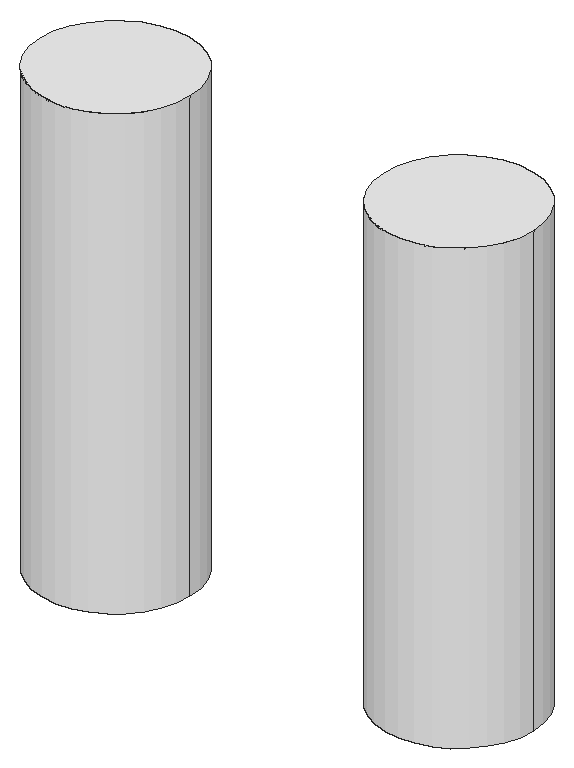
Revit family "45142283(2020)", category Plumbing Fixtures, Revit 2020
Family settings
  Round Connector Dimension = Use Diameter
  Part Type = Normal
  OmniClass Number = 23.45.55.00
  OmniClass Title = Sanitary Faucets, Wastes
  Work Plane-Based = No
  Always vertical = Yes
  Cut with Voids When Loaded = No
  Shared = No
  Room Calculation Point = No
Parameters (values of type "45142283 Kitchen faucet with dishwasher valve")
  Working Pressure = "50 - 1000 kPa"
  WarrantyStartDate [instance] = "n/a"
  WarrantyGuarantorParts = "n/a"
  WarrantyGuarantorLabor = "n/a"
  WarrantyDurationUnit = "Year"
  WarrantyDurationParts = "n/a"
  WarrantyDurationLabor = "n/a"
  WarrantyDescription = "http://warranty.hansa.com"
  Warranty Information URL = "http://warranty.hansa.com"
  VersionDate = "01/06/2023"
  Version = "1"
  ValvePattern = "n/a"
  ValveOperation = "n/a"
  ValveMechanism = "n/a"
  Uniclass2015Reference = "Pr_40_20_87_96"
  Uniclass2015Description = "Washbasin manual water supply sets"
  Uniclass2 = "Pr_40_30_96_96"
  URL REACH = "http://static.hansa.com/doc/reach"
  URL Materials Declaration = "http://www.hansa.com/fileadmin/resources/182044_45142283_materialsdeclaration.pdf"
  URL Environmental Product Declaration EPD = "http://www.hansa.com/fileadmin/resources/184519_EPD_Kitchen faucet.pdf"
  URL EcoLabel Declaration = "http://static.hansa.com/doc/EcoLabel"
  URL EU Packaging Declaration = "http://static.hansa.com/doc/packaging"
  URL Declaration of SCIP = "http://static.hansa.com/doc/SCIP"
  URL Declaration of Conformity = "http://static.hansa.com/DoC/45142283"
  URL Declaration of Asbestos = "http://static.hansa.com/doc/asbestos"
  URL Declaration Of Performance (DOP) = "http://static.hansa.com/doc/DoP"
  URL = ""
  UNSPSC Class Number = "30181700 Faucets or taps"
  TestPressure = "n/a"
  Temperature Adjustments = "Limitation option for maximum temperature and flow-rate ;Adjustable hot water stop (included, retrofittable)"
  Temperature = "Temperature limiter;Temperature limiter (retrofittable)"
  Technical DataSheet URL = "http://www.hansa.com/datasheet/45142283/en"
  TagNumber [instance] = "n/a"
  SustainabilityPerformance = "n/a"
  Surface treatment = "Chrome"
  Spout Type = "Swivel spout;Swivel range limiting option"
  Spout Swivel Range = "120° (60° / 0°)"
  Spout Projection = "213 mm"
  Spare-Part Information URL = "http://static.hansa.com/sp/45142283"
  Size = "110x250x355 mm"
  Shape = "Sculptured"
  SerialNumber [instance] = "n/a"
  Sales Package dimensions (LxWxH) = "760 x 328 x 88"
  Revision = "n/a"
  ReplacementCost = "n/a"
  ProductInformation = "n/a"
  Product URL = "http://static.hansa.com/45142283"
  Product Image URL = "http://static.hansa.com/image/45142283"
  Product Family = "HANSAPINTO "
  Product Code = "45142283"
  OperatingMechanismMaterial = "n/a"
  NominalWidth = 107.542 mm
  NominalHeight = 355 mm
  NominalDepth = 249.213 mm
  Noise Class = "I (ISO 3822) Oras lab."
  Name_en = "45142283 Kitchen faucet with dishwasher valve"
  Name = "45142283 Kitchen faucet with dishwasher valve"
  NBSReference = "45-35-70/371"
  NBSDescription = "Water supply fittings for wash basins and troughs"
  Mounting Holes = "1 hole"
  ModelReference = "45142283"
  ModelNumber = "n/a"
  Model = "45142283 Kitchen faucet with dishwasher valve"
  Mobile Product Information URL = "http://mpi.hansa.com/45142283"
  Mechanical Parts = "ø 40 mm ceramic cartridge for flow and temperature control"
  Max. Hot Water Supply = 70 °C
  Material = "Brass"
  Market = "Austria;Belgium;Czech Republic;Germany;Spain;France;International;Italy;Netherlands;Slovakia"
  ManufacturerURL = "http://www.hansa.com"
  ManufacturerName = "HANSA"
  Manufacturer = "HANSA"
  Lever Handle = "Hot/Cold symbols;Single operating lever/handle"
  Interactive AR View URL = "https://static.hansa.com/AR/45142283"
  InstallationDate [instance] = "n/a"
  Installation and Maintenance Guide URL = "http://static.hansa.com/manual/45142283"
  Installation Type = "Deck mounted"
  InletConnectionSize = 10 mm
  IfcExportType = "FAUCET"  # constant formula
  IfcExportAs = "IfcValveType"  # constant formula
  Group = "Kitchen faucet"
  Grade = "n/a"
  FlowCoefficient = 0
  Flow Rate At 300kPa = 0.19 L/s
  Flow Drawing URL = "http://static.hansa.com/flowchart/45142283"
  Finish = "Polished"
  Features = "Single-lever, side operated;Dishwasher valve"
  FaucetMainMaterial = Brass
  FDV Document URL = "http://www.hansa.com/datasheet/45142283/en/fdv"
  ExpectedLife = "n/a"
  ETIM Class Number = "EC011431 Kitchen mixing tap"
  EN Standard = "EN 817"
  EAN Number = "4057304003141"
  DurationUnit = "Year"
  Dishwasher Valve = "Mechanic stop valve for external equipment"
  Dimension Drawing URL = "http://static.hansa.com/dimdrw/45142283"
  Description = ""
  DefaultElevation [instance] = 900 mm
  Default Elevation = 0 mm
  Constituents = "n/a"
  Connection Size = "G3/8"
  Connection = "Flexible inlet pipes"
  Color = "Chrome"
  CodePerformance = "n/a"
  CloseOffRating = 0
  Category = "Kitchen"
  Catalog Drawing URL = "http://static.hansa.com/catdrw/45142283"
  CO2 Emissions (D) = -8.67
  CO2 Emissions (C4) = 0.46
  CO2 Emissions (C3) = 0.03
  CO2 Emissions (C2) = 0.02
  CO2 Emissions (B7) = 4491.6
  CO2 Emissions (A4) = 0.31
  CO2 Emissions (A1-A3) = 15.34
  Brand = "HANSA"
  BodyMaterial = "Brass"
  Barcode [instance] = "n/a"
  Backflow Prevention EN1717 = "AA"
  BIMObjectName = "45142283(2020)"
  Author = "BIMStone"
  AssetType = "Fixed"
  AssetIdentifier [instance] = "n/a"
  Aerator = "Standard aerator"
  Advanced Features = "3S-installation system for safe and simple mounting;Inner body made of DZR brass"
  AccessibilityPerformance = "n/a"
  3D View = "https://static.hansa.com/AR/45142283"
  2D/3D/BIM Files URL = "http://static.hansa.com/bim/45142283"
Reference planes
  plane 1 "Center (Front/Back)": y = 0
  plane 2: z = 0
  plane 3 "Center (Left/Right)": x = 0
  plane 4: x = -23.5
  plane 5: z = 900
  plane 6: z = 870
  plane 7: x = 23.5
  plane 8: y = -249.213
  plane 9: z = 1255
  plane 10: x = 84.042
Forms (mm)
  Extrusion 1, solid, material "Brass" <- "FaucetMainMaterial"
    sketch origin (0, 46.009, 0) x (1, 0, 0) y (0, 1, 0)
      loop
        circle (-11.5, -71.208) r 5
      loop
        circle (11.5, -71.208) r 5
    from 870 to 900
Dimensions and locks
  "DefaultElevation": plane 5 to level
  locked: plane 5 to plane 6 at 30
  equal spacing: plane 4, plane 3 "Center (Left/Right)", plane 7, locked at 23.5 each
  "NominalDepth": plane 8 to plane 1 "Center (Front/Back)"
  "NominalHeight": plane 9 to plane 5
  "NominalWidth": plane 4 to plane 10
  locked: plane 7 to plane 10 at 60.542
  "InletConnectionSize": diameter of Extrusion 1 sketch curve  (x2)
  aligned and locked: level to plane 2
  aligned and locked: plane 5 to Extrusion 1
  aligned and locked: Extrusion 1 to plane 6
  aligned and locked: plane 1 "Center (Front/Back)" to nested 2
  aligned and locked: nested 2 to plane 5
  aligned and locked: plane 3 "Center (Left/Right)" to nested 2
Automatic sketch dimensions
  Extrusion 1 sketch curve to plane 3 "Center (Left/Right)" = 11.5 mm
  plane 3 "Center (Left/Right)" to Extrusion 1 sketch curve = 11.5 mm
  plane 1 "Center (Front/Back)" to Extrusion 1 sketch curve = 25.199 mm  (x2)
Nested families
  nested 1: "Symbol" at (0, 0, 0), type "Symbol", detail levels coarse
  nested 2: "45142283_Body" at (0, 0, 900), Material <- "FaucetMainMaterial", type "45142283_Body"
    with Material Brass
Connectors
  piping at (-11.5, -25.199, 870), diameter 10, driven by "InletConnectionSize"
    settings: on Extrusion 1, index 1, connector inside diameter 609.6 mm, connector length 0 mm, flow factor 0, pipe flow 0.19 L/s, pressure drop 0.0 Pa, fitting loss kfactor 0, connector angle 0.00°, fixture units 0, engagement length 0 mm, angle of deflection 0.00°, flow configuration 1, flow direction 1, fitting loss method 0, system type 19, joint type 0, gender type 0, connector reference index -1, connector utility 0, adjustable connector no, is connector primary yes, connector description ""
  piping at (11.5, -25.199, 870), diameter 10, driven by "InletConnectionSize"
    settings: on Extrusion 1, index 2, connector inside diameter 609.6 mm, connector length 0 mm, flow factor 0, pipe flow 0.19 L/s, pressure drop 0.0 Pa, fitting loss kfactor 0, connector angle 0.00°, fixture units 0, engagement length 0 mm, angle of deflection 0.00°, flow configuration 1, flow direction 1, fitting loss method 0, system type 20, joint type 0, gender type 0, connector reference index -1, connector utility 0, adjustable connector no, is connector primary no, connector description ""
Definition of nested family "Symbol"
  Reference planes
    plane 1: y = 0
    plane 2: x = 0
  Lines and regions (mm)
    detail lines
      curve 1: line (0, 0, 0) -> (0, -1.8, 0)
      curve 2: line (-0.4, -1.1, 0) -> (0.4, -1.1, 0)
      curve 3: line (-0.4, -1.4, 0) -> (0.4, -1.4, 0)
      curve 4: line (0.863, 0, 0) -> (-0.863, 0, 0)
      curve 5: circle (-1.163, 0, 0) r 0.3 normal (0, 0, -1)
      curve 6: circle (1.163, 0, 0) r 0.3 normal (0, 0, 1)
Definition of nested family "45142283_Body"
  Parameters (values of type "45142283_Body")
    Material [instance] = none
    Default Elevation = 0 mm
  Reference planes
    plane 1 "Center (Front/Back)": y = 0
    plane 2: z = 0
    plane 3 "Center (Left/Right)": x = 0
    plane 4: x = -23.5
    plane 5: x = 84.042
    plane 6: x = 23.5
    plane 7: y = -249.234
    plane 8: z = 355
  Forms (mm)
    Revolve 1, solid, material <- "Material", detail levels medium
      sketch origin (0, 0, 0) x (0, 1, 0) y (0, 0, 1)
        loop
          line (-25.199, 0) -> (-1.705, 0) -> (-1.705, 97.418) -> (-4.946, 114.09)
          arc (-4.946, 114.09) -> (-5.455, 114.945) -> (-6.392, 115.282) r 1.474
          line (-6.392, 115.282) -> (-25.199, 115.282) -> (-25.199, 0)
        axis (-25.199, 115.282) -> (-25.199, 0)
      angle from 0 to 360
    Sweep 2, solid, material <- "Material", detail levels medium
      path origin (0, 0, 0) x (0, 1, 0) y (0, 0, 1)
        loop
          line (-13.792, 115.282) -> (-13.792, 239.483)
          arc (-13.792, 239.483) -> (-109.249, 353.245) -> (-237.859, 278.992) r 115.517
          line (-237.859, 278.992) -> (-249.213, 247.798)
      profile origin (0, -13.792, 177.383) x (0, -1, 0) y (1, 0, 0)
        loop
          circle (11.191, 0) r 11.33
    Revolve 3, solid, material <- "Material", detail levels medium
      sketch origin (0, -25.3, 0) x (1, 0, 0) y (0, 0, 1)
        loop
          line (93.911, 78.378) -> (89.916, 101.028) -> (-5.913, 84.123) -> (-1.917, 61.472) -> (93.911, 78.378)
        axis (93.911, 78.378) -> (-1.917, 61.472)
      angle from 0 to 360
    Extrusion 4, solid, material <- "Material", detail levels medium
      sketch origin (0, 36.396, 23.638) x (1, 0, 0) y (0, -0.515038, 0.857167)
        loop
          line (74.594, 106.006) -> (73.214, 77.439) -> (84.042, 77.439) -> (84.042, 100.458)
          arc (84.042, 100.458) -> (82.55, 131.336) -> (78.087, 161.926) r 320.259
          arc (78.087, 161.926) -> (74.266, 164.546) -> (71.58, 160.771) r 3.305
          arc (71.58, 160.771) -> (74.501, 133.467) -> (74.594, 106.006) r 266.178
      from 4.065 to 46.69
    Extrusion 5, void
      sketch origin (0, 0, 0) x (1, 0, 0) y (0, 0, 1)
        loop
          line (84.042, 175.027) -> (84.042, 40.4) -> (100.823, 40.4) -> (100.823, 175.027) -> (84.042, 175.027)
      from -20.227 to 59.145
    Extrusion 6, solid, material <- "Material", detail levels coarse
      sketch origin (0, 0, 0) x (1, 0, 0) y (0, 1, 0)
        loop
          line (-23.5, -249.234) -> (84.042, -249.234) -> (84.042, 0) -> (-23.5, 0) -> (-23.5, -249.234)
      from 0 to 355
    Extrusion 7, solid, material <- "Material", detail levels medium
      sketch origin (0, 52.832, -1.175) x (1, 0, 0) y (0, 0, 1)
        loop
          arc (-2.612, 46.201) -> (-3.704, 38.587) -> (-3.49, 30.897) r 45.237
          arc (-3.49, 30.897) -> (0, 27.78) -> (3.49, 30.897) r 3.513
          arc (3.49, 30.897) -> (3.704, 38.587) -> (2.612, 46.201) r 45.237
          arc (2.612, 46.201) -> (0, 48.277) -> (-2.612, 46.201) r 2.681
      from 115 to 138.035
    Revolve 8, solid, material <- "Material", detail levels medium
      sketch origin (0, 52.832, -1.175) x (0, 1, 0) y (0, 0, 1)
        loop
          line (-85, 40.472) -> (-123.035, 40.472)
          arc (-123.035, 40.472) -> (-133.642, 36.078) -> (-138.035, 25.472) r 15
          line (-138.035, 25.472) -> (-85, 25.472) -> (-85, 40.472)
        axis (-85, 25.472) -> (-138.035, 25.472)
      angle from 0 to 360
  Cuts and joins
    Extrusion 5 cuts Revolve 3
    joined: Revolve 1, Sweep 2, Revolve 3, Extrusion 4, Extrusion 7, Revolve 8
  Lines and regions (mm)
    symbolic lines, detail levels medium+fine
      curve 1: line (0, -1.705, 0) -> (0, -1.705, 59.648)
      curve 2: line (0, -1.705, 97.418) -> (0, -4.946, 114.09)
      curve 3: line (0, -6.392, 115.282) -> (0, -13.792, 115.282)
      curve 4: line (0, -13.792, 115.282) -> (0, -13.792, 239.483)
      curve 5: line (0, -249.213, 247.798) -> (0, -237.859, 278.992)
      curve 6: arc (0, -13.792, 239.483) -> (0, -109.249, 353.245) -> (0, -237.859, 278.992) r 115.517
      curve 7: line (0, -36.566, 127.192) -> (0, -36.566, 239.973)
      curve 8: line (0, -249.213, 247.798) -> (0, -227.914, 240.046)
      curve 9: line (0, -227.914, 240.046) -> (0, -216.399, 271.683)
      curve 10: arc (0, -36.566, 239.973) -> (0, -113.179, 331.277) -> (0, -216.399, 271.683) r 92.712
      curve 11: line (0, -36.566, 127.192) -> (0, -52.318, 150.545)
      curve 12: line (0, -48.523, 80.771) -> (0, -75.747, 137.806)
      curve 13: arc (0, -60.934, 154.041) -> (0, -68.278, 151.27) -> (0, -74.436, 146.403) r 25.574
      curve 14: arc (0, -52.318, 150.545) -> (0, -56.093, 153.607) -> (0, -60.934, 154.041) r 8.331
      curve 15: arc (0, -74.436, 146.403) -> (0, -76.413, 142.306) -> (0, -75.747, 137.806) r 7.74
      curve 16: arc (0, -1.705, 78.722) -> (0, 0.006, 69.185) -> (0, -1.705, 59.648) r 27.433
      curve 17: arc (0, -48.523, 78.429) -> (0, -50.011, 67.278) -> (0, -48.523, 56.126) r 42.534
      curve 18: line (0, -48.523, 78.429) -> (0, -48.523, 80.771)
      curve 19: line (0, -48.523, 56.126) -> (0, -48.523, 39.297)
      curve 20: line (0, -48.523, 9.297) -> (0, -48.523, 0)
      curve 21: line (0, -1.705, 0) -> (0, -48.523, 0)
      curve 27: arc (0, -4.946, 114.09) -> (0, -5.455, 114.945) -> (0, -6.392, 115.282) r 1.474
      curve 30: line (4.353, -1.158, 0) -> (42.015, -1.158, 0)
      curve 31: arc (42.015, -1.158, 0) -> (42.644, -1.368, 0) -> (43.021, -1.913, 0) r 1.048
      curve 32: arc (43.021, -1.913, 0) -> (43.96, -2.014, 0) -> (44.878, -2.24, 0) r 7.065
      curve 33: line (44.878, -2.24, 0) -> (46.471, -2.748, 0)
      curve 34: line (46.471, -2.748, 0) -> (48.301, -0.643, 0)
      curve 35: line (49.711, 0, 0) -> (57.177, 0, 0)
      curve 36: arc (48.301, -0.643, 0) -> (48.936, -0.168, 0) -> (49.711, 0, 0) r 1.869
      curve 37: arc (76.401, -2.416, 0) -> (66.857, -0.67, 0) -> (57.177, 0, 0) r 86.855
      curve 38: arc (77.872, -3.843, 0) -> (82.73, -28.504, 0) -> (84.002, -53.606, 0) r 174.81
      curve 39: arc (77.872, -3.843, 0) -> (77.331, -2.929, 0) -> (76.401, -2.416, 0) r 2.014
      curve 40: arc (84.002, -53.606, 0) -> (83.427, -60.85, 0) -> (82.019, -67.98, 0) r 62.825
      curve 41: arc (82.019, -67.98, 0) -> (80.75, -71.855, 0) -> (79, -75.539, 0) r 32.075
      curve 42: arc (79, -75.539, 0) -> (77.618, -76.468, 0) -> (76.053, -75.896, 0) r 1.834
      curve 43: arc (76.053, -75.896, 0) -> (74.411, -73.621, 0) -> (73.374, -71.014, 0) r 11.406
      curve 44: arc (73.374, -71.014, 0) -> (72.089, -59.748, 0) -> (74.005, -48.572, 0) r 40.144
      curve 45: arc (46.171, -49.788, 0) -> (59.814, -49.399, 0) -> (73.374, -47.836, 0) r 158.207
      curve 46: arc (73.374, -47.836, 0) -> (73.895, -48.028, 0) -> (74.005, -48.572, 0) r 0.569
      curve 47: arc (41.752, -49.136, 0) -> (42.473, -48.891, 0) -> (43.046, -48.389, 0) r 1.959
      curve 48: arc (43.046, -48.389, 0) -> (43.7, -48.419, 0) -> (44.34, -48.276, 0) r 2.487
      curve 49: arc (44.34, -48.276, 0) -> (44.686, -48.818, 0) -> (45.096, -49.314, 0) r 5.179
      curve 50: arc (45.096, -49.314, 0) -> (45.585, -49.66, 0) -> (46.171, -49.788, 0) r 1.505
      curve 51: line (41.752, -49.136, 0) -> (14.779, -49.136, 0)
      curve 52: line (14.779, -49.136, 0) -> (14.779, -62.488, 0)
      curve 53: line (14.779, -62.488, 0) -> (11.33, -71.964, 0)
      curve 54: line (-14.75, -62.488, 0) -> (-14.75, -43.542, 0)
      curve 55: line (-14.75, -62.488, 0) -> (-11.33, -71.885, 0)
      curve 56: line (-11.33, -71.885, 0) -> (-11.33, -237.904, 0)
      curve 57: line (11.33, -71.964, 0) -> (11.33, -237.904, 0)
      curve 58: arc (-11.33, -237.904, 0) -> (0, -249.234, 0) -> (11.33, -237.904, 0) r 11.33
      curve 59: arc (-14.75, -43.542, 0) -> (-21.214, -35.209, 0) -> (-23.5, -24.914, 0) r 24.099
      curve 60: arc (-23.5, -24.914, 0) -> (-17.584, -9.453, 0) -> (-2.889, -1.832, 0) r 23.283
      curve 61: arc (-2.889, -1.832, 0) -> (0.728, -1.455, 0) -> (4.353, -1.158, 0) r 163.088
      curve 75: line (0, -1.705, 78.722) -> (0, -1.705, 97.418)
      curve 77: line (-23.5, 0, 0) -> (23.5, 0, 0)
      curve 78: line (-23.5, 0, 0) -> (-23.5, 0, 97.509)
      curve 79: line (-23.5, 0, 97.509) -> (-20.273, 0, 114.113)
      curve 80: line (-18.8, 0, 115.327) -> (-11.385, 0, 115.327)
      curve 81: line (-11.385, 0, 115.327) -> (-11.385, 0, 343.615)
      curve 82: line (23.5, 0, 0) -> (23.5, 0, 36.183)
      curve 83: line (23.644, 0, 96.77) -> (20.273, 0, 114.113)
      curve 84: line (18.8, 0, 115.327) -> (11.385, 0, 115.327)
      curve 85: line (11.385, 0, 115.327) -> (11.385, 0, 343.615)
      curve 86: arc (-20.273, 0, 114.113) -> (-19.754, 0, 114.984) -> (-18.8, 0, 115.327) r 1.5
      curve 87: arc (20.273, 0, 114.113) -> (19.754, 0, 114.984) -> (18.8, 0, 115.327) r 1.5
      curve 88: arc (-11.385, 0, 343.615) -> (0, 0, 355) -> (11.385, 0, 343.615) r 11.385
      curve 96: line (31.013, 0, 91.706) -> (37.502, 0, 92.85)
      curve 97: arc (38.2, 0, 92.111) -> (39.894, 0, 92.366) -> (41.587, 0, 92.111) r 5.75
      curve 98: line (38.2, 0, 92.111) -> (38.15, 0, 92.396)
      curve 99: arc (37.502, 0, 92.85) -> (37.92, 0, 92.757) -> (38.15, 0, 92.396) r 0.559
      curve 100: arc (31.013, 0, 91.706) -> (26.292, 0, 92.731) -> (23.644, 0, 96.77) r 6.378
      curve 101: line (45.888, 0, 45.548) -> (28.797, 0, 42.506)
      curve 102: arc (28.797, 0, 42.506) -> (24.999, 0, 40.307) -> (23.5, 0, 36.183) r 6.423
      curve 103: arc (46.263, 0, 46.411) -> (49.65, 0, 47.556) -> (52.568, 0, 49.624) r 12.352
      curve 104: line (46.263, 0, 46.411) -> (46.309, 0, 46.151)
      curve 105: arc (46.309, 0, 46.151) -> (46.224, 0, 45.762) -> (45.888, 0, 45.548) r 0.52
      curve 106: line (52.568, 0, 49.624) -> (53.247, 0, 45.77)
      curve 107: arc (53.62, 0, 45.486) -> (66.373, 0, 47.533) -> (78.75, 0, 51.225) r 98.906
      curve 108: arc (80.824, 0, 134.587) -> (78.867, 0, 143.868) -> (76.573, 0, 153.072) r 260.431
      curve 109: arc (81.355, 0, 57.933) -> (82.331, 0, 65.45) -> (83.22, 0, 72.977) r 659.952
      curve 110: arc (78.75, 0, 51.225) -> (80.449, 0, 54.425) -> (81.355, 0, 57.933) r 15.421
      curve 111: arc (53.247, 0, 45.77) -> (53.378, 0, 45.555) -> (53.62, 0, 45.486) r 0.345
      curve 112: arc (74.594, 0, 106.006) -> (74.512, 0, 125.905) -> (72.351, 0, 145.685) r 190.131
      curve 113: arc (72.351, 0, 145.685) -> (72.414, 0, 149.707) -> (73.865, 0, 153.458) r 11.438
      curve 114: arc (73.865, 0, 153.458) -> (75.346, 0, 154.159) -> (76.573, 0, 153.072) r 1.487
      curve 115: line (41.587, 0, 92.111) -> (41.321, 0, 93.619)
      curve 116: line (41.567, 0, 93.958) -> (66.84, 0, 97.51)
      curve 117: arc (66.84, 0, 97.51) -> (72.247, 0, 100.362) -> (74.594, 0, 106.006) r 9.019
      curve 118: arc (41.321, 0, 93.619) -> (41.372, 0, 93.84) -> (41.567, 0, 93.958) r 0.291
      curve 124: arc (80.824, 0, 134.587) -> (83.933, 0, 103.857) -> (83.22, 0, 72.977) r 249.485
      curve 130: line (0, -70.203, 9.297) -> (0, -48.523, 9.297)
      curve 133: line (0, -62.168, 46.593) -> (0, -62.168, 39.297)
      curve 134: line (0, -62.677, 47.093) -> (0, -80.294, 46.774)
      curve 135: line (0, -85.203, 41.775) -> (0, -85.203, 24.297)
      curve 136: arc (0, -70.203, 9.297) -> (0, -80.81, 13.69) -> (0, -85.203, 24.297) r 15
      curve 138: arc (0, -62.168, 46.593) -> (0, -62.317, 46.95) -> (0, -62.677, 47.093) r 0.5
      curve 139: arc (0, -80.294, 46.774) -> (0, -83.771, 45.279) -> (0, -85.203, 41.775) r 5
      curve 141: line (0, -62.168, 39.297) -> (0, -48.523, 39.297)
    symbolic lines, detail levels fine
      curve 22: line (0, -48.523, 56.126) -> (0, -48.523, 78.429)
      curve 23: line (0, -48.523, 80.771) -> (0, -48.523, 97.418)
      curve 24: line (0, -1.705, 97.418) -> (0, -48.523, 97.418)
      curve 25: line (0, -48.523, 97.418) -> (0, -45.405, 114.058)
      curve 26: line (0, -13.792, 115.282) -> (0, -43.931, 115.282)
      curve 28: arc (0, -43.931, 115.282) -> (0, -44.889, 114.936) -> (0, -45.405, 114.058) r 1.5
      curve 29: line (0, -36.566, 127.192) -> (0, -36.566, 115.282)
      curve 62: line (-11.33, -71.885, 0) -> (-11.33, -24.982, 0)
      curve 63: line (11.33, -71.964, 0) -> (11.33, -24.982, 0)
      curve 64: arc (-11.33, -24.982, 0) -> (0, -13.653, 0) -> (11.33, -24.982, 0) r 11.33
      curve 65: arc (-11.33, -45.771, 0) -> (-13.103, -44.753, 0) -> (-14.75, -43.542, 0) r 18.127
      curve 66: arc (-2.889, -1.832, 0) -> (22.127, -17.895, 0) -> (11.33, -45.594, 0) r 23.471
      curve 67: arc (-11.33, -41.96, 0) -> (0, -4.88, 0) -> (11.33, -41.96, 0) r 20.271
      curve 68: arc (8.611, -1.158, 0) -> (31.109, -23.801, 0) -> (11.33, -48.854, 0) r 24.06
      curve 69: line (42.015, -1.158, 0) -> (41.471, -49.136, 0)
      curve 70: line (46.471, -2.748, 0) -> (44.191, -5.027, 0)
      curve 71: line (44.34, -48.276, 0) -> (44.191, -5.027, 0)
      curve 72: arc (74.026, -48.318, 0) -> (74.541, -40.811, 0) -> (74.805, -33.292, 0) r 226.217
      curve 73: arc (74.805, -33.292, 0) -> (77.713, -28.965, 0) -> (82.873, -29.7, 0) r 4.904
      curve 74: circle (60.19, -36.855, 0) r 5.52 normal (0, 0, 1)
      curve 76: line (0, -1.705, 59.648) -> (0, -1.705, 78.722)
      curve 89: arc (-11.385, 0, 275.455) -> (0, 0, 278.875) -> (11.385, 0, 275.455) r 20.661
      curve 90: arc (-11.385, 0, 259.71) -> (0, 0, 263.265) -> (11.385, 0, 259.71) r 20.006
      curve 91: line (-11.385, 0, 243.73) -> (11.385, 0, 244.011)
      curve 92: line (-11.385, 0, 243.402) -> (11.385, 0, 243.121)
      curve 93: line (-11.385, 0, 115.327) -> (11.385, 0, 115.327)
      curve 94: line (-23.5, 0, 97.509) -> (23.5, 0, 97.509)
      curve 95: arc (-3.599, 0, 38.843) -> (0.104, 0, 9.294) -> (3.597, 0, 38.868) r 15
      curve 119: line (46.263, 0, 46.411) -> (38.2, 0, 92.111)
      curve 120: line (41.587, 0, 92.111) -> (46.295, 0, 65.407)
      curve 121: arc (46.295, 0, 65.407) -> (47.57, 0, 61.331) -> (49.838, 0, 57.712) r 16.663
      curve 122: arc (52.179, 0, 52.217) -> (52.357, 0, 50.918) -> (52.568, 0, 49.624) r 51.293
      curve 123: arc (49.838, 0, 57.712) -> (51.394, 0, 55.129) -> (52.179, 0, 52.217) r 10.836
      curve 125: circle (60.419, 0, 92.592) r 3.05 normal (0, -1, 0)
      curve 126: line (23.5, 0, 97.509) -> (-6.697, 0, 61.521)
      curve 127: line (23.5, 0, 36.183) -> (-6.697, 0, 61.521)
      curve 128: line (28.797, 0, 42.506) -> (6, 0, 62.007)
      curve 129: line (6, 0, 62.007) -> (31.013, 0, 91.706)
      curve 131: line (0, -70.203, 39.297) -> (0, -62.168, 39.297)
      curve 132: arc (0, -48.523, 39.297) -> (0, -43.835, 24.297) -> (0, -48.523, 9.297) r 26.342
      curve 137: arc (0, -85.203, 24.297) -> (0, -80.81, 34.903) -> (0, -70.203, 39.297) r 15
      curve 140: line (0, -62.168, 39.297) -> (0, -62.168, 9.297)
      curve 142: arc (-2.612, 0, 45.026) -> (-3.704, 0, 37.411) -> (-3.49, 0, 29.722) r 45.237
      curve 143: arc (-3.49, 0, 29.722) -> (0, 0, 26.605) -> (3.49, 0, 29.722) r 3.513
      curve 144: arc (3.49, 0, 29.722) -> (3.704, 0, 37.411) -> (2.612, 0, 45.026) r 45.237
      curve 145: arc (2.612, 0, 45.026) -> (0, 0, 47.102) -> (-2.612, 0, 45.026) r 2.681
      curve 146: line (14.779, -49.136, 0) -> (11.33, -49.136, 0)
  Dimensions and locks
    aligned and locked: level to plane 2
